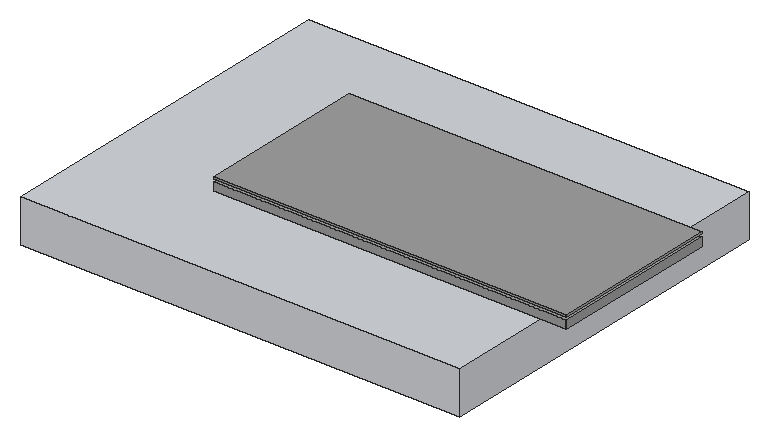
Revit family "RockPanel_Cladding", category Generic Models, host Face, Revit 2017
Family settings
  Host = Face
  Can host rebar = No
  Round Connector Dimension = Use Diameter
  Part Type = Normal
  Cut with Voids When Loaded = No
  Shared = No
  Room Calculation Point = No
Parameters (values of type "RockPanel Colors - PremiumA2 - 11mm")
  Width [instance] = 2500 mm
  Warning [instance] = if(if(Width > Maximum Width, 100, 0) + if(Width > Maximum Height, 10, 0) + if(Height > Maximum Height, 10, 0) + if(Height > Maximum Width, 100, 0) > 15, 1 < 2, 2 < 1)  # no
  URL = ""
  UNSPC Code = ""
  UNSPC Category = ""
  Table Thickness [instance] = if(Depth > 0 mm, Depth, 0 mm)  # 11 mm
  ReCaDeTR [instance] = if(or(TRY < Depth, TRX < Depth + 2 mm), 0.8 mm, Depth)  # 0.8 mm
  ReCaDeTL [instance] = if(or(TLY < Depth, TLX < Depth + 2 mm), 0.8 mm, Depth)  # 0.8 mm
  ReCaDeBR [instance] = if(or(BRY < Depth, BRX < Depth + 2 mm), 0.8 mm, Depth)  # 0.8 mm
  ReCaDeBL [instance] = if(or(BLY < Depth, BLX < Depth + 2 mm), 0.8 mm, Depth)  # 0.8 mm
  Panel [instance] = if(Index = 0, 1 = 0, 1 = 1)  # no
  Maximum Size 2 [instance] = if(Maximum Width < Maximum Height, Maximum Width, Maximum Height)  # 1250 mm
  Maximum Size 1 [instance] = if(Maximum Width < Maximum Height, Maximum Height, Maximum Width)  # 2500 mm
  Index = 0
  Gloss grade [instance] = Matt
  Gloss [instance] = if(Index = 0, 1 = 1, 1 = 0)  # yes
  Cladding Area [instance] = Width * Height - (if(TRY * TRX > 0.04 m², TRY * TRX, 0.00 m²)) - (if(TLY * TLX > 0.04 m², TLY * TLX, 0.00 m²)) - (if(BLY * BLX > 0.04 m², BLY * BLX, 0.00 m²)) - (if(BRY * BRX > 0.04 m², BRY * BRX, 0.00 m²))  # 3.00 m²
  Cavity Turn In Top Right [instance] = no
  Cavity Turn In Top Left [instance] = no
  Top Right  Y [instance] = 0 mm
  Top Right  X [instance] = 0 mm
  Top Left Y [instance] = 0 mm
  Top Left X [instance] = 0 mm
  TRY [instance] = if(Top Right  Y > 2 mm, if(Top Right  Y < Height - Bottom Right Y - 1 mm, Top Right  Y, Height - Bottom Right Y - 1 mm), 2 mm)  # 2 mm
  TRX [instance] = if(Top Right  X > 2 mm, if(Top Right  X < Width - Top Left X - 1 mm, Top Right  X, Width - Top Left X - 2 mm), 2 mm)  # 2 mm
  TLY [instance] = if(Top Left Y > 2 mm, if(Top Left Y < Height - Bottom Left Y - 1 mm, Top Left Y, Height - Bottom Left Y - 1 mm), 2 mm)  # 2 mm
  TLX [instance] = if(Top Left X > 2 mm, if(Top Left X < Width - Top Right  X - 1 mm, Top Left X, Width - Top Right  X - 2 mm), 2 mm)  # 2 mm
  Real Insul Thk [instance] = if(Insulation Thickness < Distance from Wall Surface, Insulation Thickness, Distance from Wall Surface)  # 60 mm
  Real Distance [instance] = if(Distance from Wall Surface > 1 mm, Distance from Wall Surface, 1 mm)  # 80 mm
  Product group = "Fasade Elements"
  Product family = "FACADE ENGINEERING"
  Product data URL = "http://rockpanel.bimobject.com/Demo45679"
  Panel Material [instance] = Violett- Blau
  Model = "RockPanel Cladding"
  Maximum Width = 2500 mm
  Maximum Height = 1250 mm
  Manufacturer = "RockPanel GmbH"
  Manufacture country = "Germany"
  Insulation Thickness [instance] = 60 mm
  Insulation Material [instance] = Fiberglass Batt
  Insulation [instance] = yes
  Installation instructions = ""
  IFC Classification = ""
  Height [instance] = 1200 mm
  Edition number = "1"
  EAN code = ""
  Distance from Wall Surface [instance] = 80 mm
  Design country = "Germany"
  Depth = 11 mm
  Default Elevation = 0 mm
  Cavity Turn In Depth TR [instance] = 0 mm
  Cavity Turn In Depth TL [instance] = 0 mm
  Cavity Turn In Depth BR [instance] = 0 mm
  Cavity Turn In Depth BL [instance] = 0 mm
  Cavity Turn In Bottom Right [instance] = no
  Cavity Turn In Bottom Left [instance] = no
  Cladding Area - Cavity [instance] = if(Cavity Turn In Bottom Right, (BRX + BRY) * (Depth + Distance from Wall Surface + Cavity Turn In Depth BR), 0.00 m²) + if(Cavity Turn In Bottom Left, (BLX + BLY) * (Depth + Distance from Wall Surface + Cavity Turn In Depth BL), 0.00 m²) + if(Cavity Turn In Top Right, (TRX + TRY) * (Depth + Distance from Wall Surface + Cavity Turn In Depth TR), 0.00 m²) + if(Cavity Turn In Top Left, (TLX + TLY) * (Depth + Distance from Wall Surface + Cavity Turn In Depth TL), 0.00 m²)  # 0.00 m²
  Bottom Right Y [instance] = 0 mm
  Bottom Right X [instance] = 0 mm
  Bottom Left Y [instance] = 0 mm
  Bottom Left X [instance] = 0 mm
  BRY [instance] = if(Bottom Right Y > 2 mm, if(Bottom Right Y < Height - Top Right  Y - 1 mm, Bottom Right Y, Height - Top Right  Y - 1 mm), 2 mm)  # 2 mm
  BRX [instance] = if(Bottom Right X > 2 mm, if(Bottom Right X < Width - Bottom Left X - 1 mm, Bottom Right X, Width - Bottom Left X - 2 mm), 2 mm)  # 2 mm
  BLY [instance] = if(Bottom Left Y > 2 mm, if(Bottom Left Y < Height - Top Left Y - 1 mm, Bottom Left Y, Height - Top Left Y - 1 mm), 2 mm)  # 2 mm
  BLX [instance] = if(Bottom Left X > 2 mm, if(Bottom Left X < Width - Bottom Right X - 1 mm, Bottom Left X, Width - Bottom Right X - 2 mm), 2 mm)  # 2 mm
  BIM objet QR code URL = ""
  BIM object Category = ""
Types (4, lengths in mm): name | Table Thickness | Panel | Maximum Size 2 | Maximum Size 1 | Index | Gloss grade | Gloss | Product data URL | Maximum Width | Maximum Height | Depth
  RockPanel Colors - Durable - 6mm | 6 | yes | 1250 | 2500 | 1 | none | no | "http://rockpanel.bimobject.com/Demo45679" | 2500 | 1250 | 6
  RockPanel Colors - A2 - 9mm | 9 | yes | 1200 | 3050 | 1 | none | no | "" | 3050 | 1200 | 9
  RockPanel Colors - Xtreme  - 8mm | 8 | yes | 1250 | 3050 | 1 | none | no | "" | 3050 | 1250 | 8
  RockPanel Colors - PremiumA2 - 11mm | 11 | no | 1250 | 2500 | 0 | Matt | yes | "http://rockpanel.bimobject.com/Demo45679" | 2500 | 1250 | 11
Reference planes
  plane 1 "Center (Front/Back)": y = 0
  plane 2: z = 0
  plane 3 "Center (Left/Right)": x = 0
  plane 4: x = 2500
  plane 5: y = 1200
  plane 6: z = 91
  plane 7 "Base": z = 80
  plane 8: x = 2498
  plane 9: y = 1198
  plane 10: y = 2
  plane 11: y = 1198
  plane 12: x = 2
  plane 13: y = 2
  plane 14: z = 60
  plane 15: x = 2
  plane 16: x = 2498
  plane 17: z = 0
  plane 18: x = 1.2
  plane 19: y = 1.2
  plane 20: x = 1.2
  plane 21: y = 1198.8
  plane 22: z = 0
  plane 23: y = 1198.8
  plane 24: x = 2498.8
  plane 25: z = 0
  plane 26: y = 1.2
  plane 27: x = 2498.8
  plane 28: z = 0
Forms (mm)
  Extrusion 1, solid
    sketch origin (0, 0, 0) x (1, 0, 0) y (0, 1, 0)
      loop
        line (-800, 1840) -> (-800, -717.694) -> (2319.299, -717.694) -> (2319.299, 1840) -> (-800, 1840)
    from 0 to -304.8
  Extrusion 2, solid, material "Violett- Blau" <- "Panel Material", visible <- "Panel"
    sketch origin (0, 0, 0) x (1, 0, 0) y (0, 1, 0)
      loop
        line (2, 0) -> (2498, 0) -> (2498, 2) -> (2500, 2) -> (2500, 1198) -> (2498, 1198) -> (2498, 1200) -> (2, 1200) -> (2, 1198) -> (0, 1198) -> (0, 2) -> (2, 2) -> (2, 0)
    from 80 to 91
  Extrusion 3, solid, material "Fiberglass Batt" <- "Insulation Material", visible <- "Insulation"
    sketch origin (0, 0, 50) x (1, 0, 0) y (0, 1, 0)
      loop
        line (2, 0) -> (2498, 0) -> (2498, 2) -> (2500, 2) -> (2500, 1198) -> (2498, 1198) -> (2498, 1200) -> (2, 1200) -> (2, 1198) -> (0, 1198) -> (0, 2) -> (2, 2) -> (2, 0)
    from -50 to 10
  Extrusion 4, solid, material "Violett- Blau" <- "Panel Material", visible <- "Cavity Turn In Bottom Left"
    sketch origin (0, 0, 0) x (1, 0, 0) y (0, 1, 0)
      loop
        line (0, 2) -> (0, 1.2) -> (1.2, 1.2) -> (1.2, 0) -> (2, 0) -> (2, 2) -> (0, 2)
    from 0 to 91
  Extrusion 5, solid, material "Violett- Blau" <- "Panel Material", visible <- "Cavity Turn In Top Left"
    sketch origin (0, 0, 0) x (1, 0, 0) y (0, 1, 0)
      loop
        line (2, 1200) -> (1.2, 1200) -> (1.2, 1198.8) -> (0, 1198.8) -> (0, 1198) -> (2, 1198) -> (2, 1200)
    from 0 to 91
  Extrusion 6, solid, material "Violett- Blau" <- "Panel Material", visible <- "Cavity Turn In Top Right"
    sketch origin (0, 0, 0) x (1, 0, 0) y (0, 1, 0)
      loop
        line (2500, 1198) -> (2500, 1198.8) -> (2498.8, 1198.8) -> (2498.8, 1200) -> (2498, 1200) -> (2498, 1198) -> (2500, 1198)
    from 0 to 91
  Extrusion 7, solid, material "Violett- Blau" <- "Panel Material", visible <- "Cavity Turn In Bottom Right"
    sketch origin (0, 0, 0) x (1, 0, 0) y (0, 1, 0)
      loop
        line (2500, 2) -> (2498, 2) -> (2498, 0) -> (2498.8, 0) -> (2498.8, 1.2) -> (2500, 1.2) -> (2500, 2)
    from 0 to 91
  Extrusion 8, solid, material "Brass, Soft Yellow, Welded", visible <- "Warning"
    sketch origin (-1.548, 15.621, 0) x (1, 0, 0) y (0, 1, 0)
      loop
        line (53.548, 36.379) -> (153.548, 36.379) -> (153.548, 136.379) -> (53.548, 136.379) -> (53.548, 36.379)
      loop
        line (58.548, 41.379) -> (148.548, 41.379) -> (148.548, 131.379) -> (58.548, 131.379) -> (58.548, 41.379)
    from 91 to 101.446
  Extrusion 9, solid, material "Brass, Soft Yellow, Welded", visible <- "Warning"
    sketch origin (-2.118, 2.638, 0) x (1, 0, 0) y (0, 1, 0)
      loop
        line (97.218, 66.166) -> (112.218, 66.166) -> (112.218, 81.166) -> (97.218, 81.166) -> (97.218, 66.166)
      loop
        line (97.218, 86.166) -> (112.218, 86.166) -> (112.218, 136.166) -> (97.218, 136.166) -> (97.218, 86.166)
    from 91 to 101.446
  Extrusion 10, solid, material "Matt" <- "Gloss grade", visible <- "Gloss"
    sketch origin (0, 0, 0) x (1, 0, 0) y (0, 1, 0)
      loop
        line (2, 0) -> (2498, 0) -> (2498, 2) -> (2500, 2) -> (2500, 1198) -> (2498, 1198) -> (2498, 1200) -> (2, 1200) -> (2, 1198) -> (0, 1198) -> (0, 2) -> (2, 2) -> (2, 0)
    from 80 to 91
Dimensions and locks
  "Depth": plane 6 to plane 7 "Base"
  "Real Distance": plane 7 "Base" to plane 2
  "Width": plane 3 "Center (Left/Right)" to plane 4
  "Height": plane 5 to plane 1 "Center (Front/Back)"
  "Real Insul Thk": Extrusion 1 to plane 14
  "TLY": plane 5 to plane 11
  "BLY": plane 13 to plane 1 "Center (Front/Back)"
  "BRY": plane 1 "Center (Front/Back)" to plane 10
  "TRX": plane 8 to plane 4
  "TRY": plane 9 to plane 5
  "BRX": plane 16 to plane 4
  "BLX": plane 3 "Center (Left/Right)" to plane 15
  "TLX": plane 3 "Center (Left/Right)" to plane 12
  "Cavity Turn In Depth BL": Extrusion 1 to plane 17
  "ReCaDeBL": plane 13 to plane 19
  "ReCaDeBL": plane 18 to plane 15
  "ReCaDeTL": plane 20 to plane 12
  "ReCaDeTL": plane 11 to plane 21
  "Cavity Turn In Depth TL": plane 2 to plane 22
  "ReCaDeTR": plane 8 to plane 24
  "ReCaDeTR": plane 9 to plane 23
  "Cavity Turn In Depth TR": plane 25 to level
  "ReCaDeBR": plane 26 to plane 10
  "ReCaDeBR": plane 16 to plane 27
  "Cavity Turn In Depth BR": plane 28 to plane 22
  locked: Extrusion 8 to Extrusion 8 at 5  (x4)
  locked: plane 15 to Extrusion 8 at 50
  locked: Extrusion 8 to plane 13 at 50
  locked: Extrusion 8 to Extrusion 9 at 38.101
  locked: Extrusion 9 to Extrusion 9 at 5
  locked: Extrusion 8 to Extrusion 9 at 11.804
  locked: Extrusion 8 to Extrusion 9 at 8.196
  locked: Extrusion 9 to Extrusion 9 at 15
  locked: Extrusion 2 to Extrusion 8 at 10.446
  aligned and locked: Extrusion 1 to plane 2
  aligned and locked: Extrusion 1 to level
  aligned and locked: Extrusion 2 to plane 7 "Base"
  aligned and locked: plane 6 to Extrusion 2
  aligned and locked: Extrusion 2 to plane 12
  aligned and locked: plane 15 to Extrusion 2
  aligned and locked: Extrusion 2 to plane 13
  aligned and locked: Extrusion 2 to plane 16
  aligned and locked: plane 11 to Extrusion 2
  aligned and locked: Extrusion 3 to level
  aligned and locked: Extrusion 3 to plane 14
  aligned and locked: Extrusion 3 to plane 13
  aligned and locked: Extrusion 3 to Extrusion 2  (x3)
  aligned and locked: plane 10 to Extrusion 3
  aligned and locked: Extrusion 3 to plane 9
  aligned and locked: plane 8 to Extrusion 3
  aligned and locked: Extrusion 3 to plane 12
  aligned and locked: plane 11 to Extrusion 3
  aligned and locked: plane 6 to Extrusion 4
  aligned and locked: Extrusion 4 to plane 17
  aligned and locked: Extrusion 4 to plane 18
  aligned and locked: Extrusion 4 to plane 19
  aligned and locked: plane 1 "Center (Front/Back)" to Extrusion 4
  aligned and locked: Extrusion 4 to plane 3 "Center (Left/Right)"
  aligned and locked: Extrusion 4 to Extrusion 2
  aligned and locked: plane 12 to Extrusion 5
  aligned and locked: Extrusion 5 to plane 11
  aligned and locked: Extrusion 5 to plane 21
  aligned and locked: Extrusion 5 to plane 20
  aligned and locked: plane 5 to Extrusion 5
  aligned and locked: Extrusion 5 to plane 3 "Center (Left/Right)"
  aligned and locked: plane 6 to Extrusion 5
  aligned and locked: Extrusion 5 to plane 22
  aligned and locked: plane 4 to Extrusion 6
  aligned and locked: Extrusion 6 to Extrusion 2  (x2)
  aligned and locked: plane 6 to Extrusion 6
  aligned and locked: Extrusion 6 to plane 25
  aligned and locked: Extrusion 7 to plane 10
  aligned and locked: Extrusion 7 to Extrusion 2  (x3)
  aligned and locked: plane 1 "Center (Front/Back)" to Extrusion 7
  aligned and locked: plane 4 to Extrusion 7
  aligned and locked: plane 9 to Extrusion 6
  aligned and locked: Extrusion 6 to plane 8
  aligned and locked: plane 26 to Extrusion 7
  aligned and locked: plane 27 to Extrusion 7
  aligned and locked: Extrusion 2 to Extrusion 7
  aligned and locked: plane 16 to Extrusion 7
  aligned and locked: Extrusion 7 to plane 28
  aligned and locked: plane 6 to Extrusion 7
  aligned and locked: plane 24 to Extrusion 6
  aligned and locked: Extrusion 6 to plane 23
  aligned and locked: Extrusion 8 to plane 6
  aligned and locked: Extrusion 9 to plane 6
  aligned and locked: Extrusion 8 to Extrusion 9
Automatic sketch dimensions
  Extrusion 1 sketch curve to Extrusion 1 sketch curve = 3119.299 mm
  Extrusion 1 sketch curve to Extrusion 1 sketch curve = 2557.694 mm
  Extrusion 2 sketch curve to plane 3 "Center (Left/Right)" = 0 mm
  Extrusion 2 sketch curve to plane 10 = 0 mm
  Extrusion 2 sketch curve to plane 12 = 0 mm  (x2)
  Extrusion 2 sketch curve to plane 9 = 0 mm
  plane 5 to Extrusion 2 sketch curve = 0 mm
  Extrusion 2 sketch curve to plane 8 = 0 mm  (x2)
  plane 1 "Center (Front/Back)" to Extrusion 2 sketch curve = 0 mm
  Extrusion 2 sketch curve to plane 4 = 0 mm
  plane 10 to Extrusion 2 sketch curve = 0 mm
  plane 9 to Extrusion 2 sketch curve = 0 mm
  Extrusion 3 sketch curve to plane 3 "Center (Left/Right)" = 0 mm
  Extrusion 3 sketch curve to plane 10 = 0 mm
  Extrusion 3 sketch curve to plane 12 = 0 mm  (x2)
  Extrusion 3 sketch curve to plane 9 = 0 mm
  plane 5 to Extrusion 3 sketch curve = 0 mm
  Extrusion 3 sketch curve to plane 8 = 0 mm  (x2)
  plane 1 "Center (Front/Back)" to Extrusion 3 sketch curve = 0 mm
  Extrusion 3 sketch curve to plane 4 = 0 mm
  plane 10 to Extrusion 3 sketch curve = 0 mm
  plane 9 to Extrusion 3 sketch curve = 0 mm
  Extrusion 4 sketch curve to plane 3 "Center (Left/Right)" = 0 mm
  plane 1 "Center (Front/Back)" to Extrusion 4 sketch curve = 0 mm
  Extrusion 4 sketch curve to plane 18 = 0 mm
  Extrusion 4 sketch curve to plane 10 = 0 mm
  Extrusion 4 sketch curve to plane 12 = 0 mm
  Extrusion 4 sketch curve to plane 19 = 0 mm
  Extrusion 5 sketch curve to plane 3 "Center (Left/Right)" = 0 mm
  Extrusion 5 sketch curve to plane 5 = 0 mm
  Extrusion 5 sketch curve to plane 18 = 0 mm
  Extrusion 5 sketch curve to plane 12 = 0 mm
  Extrusion 5 sketch curve to plane 9 = 0 mm
  plane 21 to Extrusion 5 sketch curve = 0 mm
  Extrusion 6 sketch curve to plane 8 = 0 mm
  plane 5 to Extrusion 6 sketch curve = 0 mm
  Extrusion 6 sketch curve to plane 24 = 0 mm
  Extrusion 6 sketch curve to plane 4 = 0 mm
  plane 9 to Extrusion 6 sketch curve = 0 mm
  plane 21 to Extrusion 6 sketch curve = 0 mm
  Extrusion 7 sketch curve to plane 8 = 0 mm
  plane 1 "Center (Front/Back)" to Extrusion 7 sketch curve = 0 mm
  Extrusion 7 sketch curve to plane 24 = 0 mm
  Extrusion 7 sketch curve to plane 4 = 0 mm
  plane 19 to Extrusion 7 sketch curve = 0 mm
  plane 10 to Extrusion 7 sketch curve = 0 mm
  plane 12 to Extrusion 8 sketch curve = 50 mm
  Extrusion 8 sketch curve to Extrusion 8 sketch curve = 5 mm  (x4)
  Extrusion 8 sketch curve to Extrusion 8 sketch curve = 90 mm  (x2)
  Extrusion 8 sketch curve to plane 10 = 50 mm
  plane 12 to Extrusion 9 sketch curve = 93.101 mm
  Extrusion 9 sketch curve to Extrusion 9 sketch curve = 0 mm
  Extrusion 9 sketch curve to Extrusion 9 sketch curve = 15 mm  (x3)
  Extrusion 9 sketch curve to plane 10 = 66.804 mm
  Extrusion 9 sketch curve to Extrusion 9 sketch curve = 5 mm
  Extrusion 9 sketch curve to Extrusion 9 sketch curve = 50 mm
  Extrusion 10 sketch curve to plane 3 "Center (Left/Right)" = 0 mm
  Extrusion 10 sketch curve to plane 10 = 0 mm
  Extrusion 10 sketch curve to plane 12 = 0 mm  (x2)
  Extrusion 10 sketch curve to plane 9 = 0 mm
  plane 5 to Extrusion 10 sketch curve = 0 mm
  Extrusion 10 sketch curve to plane 8 = 0 mm  (x2)
  plane 1 "Center (Front/Back)" to Extrusion 10 sketch curve = 0 mm
  Extrusion 10 sketch curve to plane 4 = 0 mm
  plane 10 to Extrusion 10 sketch curve = 0 mm
  plane 9 to Extrusion 10 sketch curve = 0 mm
Types in the file's own list only (20): name | Maximum Width | Maximum Height | Depth
  RockPanel Colors - Durable - 8mm | 2500 mm | 1250 mm | 8 mm
  RockPanel Colors - Premium A2 - 11mm | 3050 mm | 1200 mm | 11 mm
  RockPanel Wood - Durable - 8mm | 3050 mm | 1250 mm | 8 mm
  RockPanel Wood - Xtreme  - 8mm | 3050 mm | 1250 mm | 8 mm
  RockPanel Wood - A2 - 9mm | 3050 mm | 1250 mm | 9 mm
  RockPanel Wood - Premium A2 - 11mm | 3050 mm | 1250 mm | 11 mm
  RockPanel Metalics - Durable - 8mm | 2500 mm | 1200 mm | 8 mm
  RockPanel Metalics - Xtreme  - 8mm | 3050 mm | 1200 mm | 8 mm
  RockPanel Metalics - A2 - 9mm | 3050 mm | 1200 mm | 9 mm
  RockPanel Metalics - Premium A2 - 11mm | 3050 mm | 1200 mm | 11 mm
  RockPanel Natural - Durable - 8mm | 2500 mm | 1250 mm | 8 mm
  RockPanel Natural - Durable - 10mm | 2500 mm | 1250 mm | 10 mm
  RockPanel Natural - Xtreme  - 8mm | 3050 mm | 1250 mm | 8 mm
  RockPanel Natural - Xtreme  - 10mm | 3050 mm | 1250 mm | 10 mm
  RockPanel Ply - 6mm | 3050 mm | 1250 mm | 6 mm
  RockPanel Ply - 8mm | 3050 mm | 1250 mm | 8 mm
  RockPanel Ply - 10mm | 3050 mm | 1250 mm | 10 mm
  RockPanel Chameleon - Durable - 8mm | 3050 mm | 1200 mm | 8 mm
  RockPanel Chameleon - Xtreme  - 9mm | 3050 mm | 1200 mm | 9 mm
  RockPanel Chameleon - Premium A2  - 11mm | 3050 mm | 1200 mm | 11 mm
